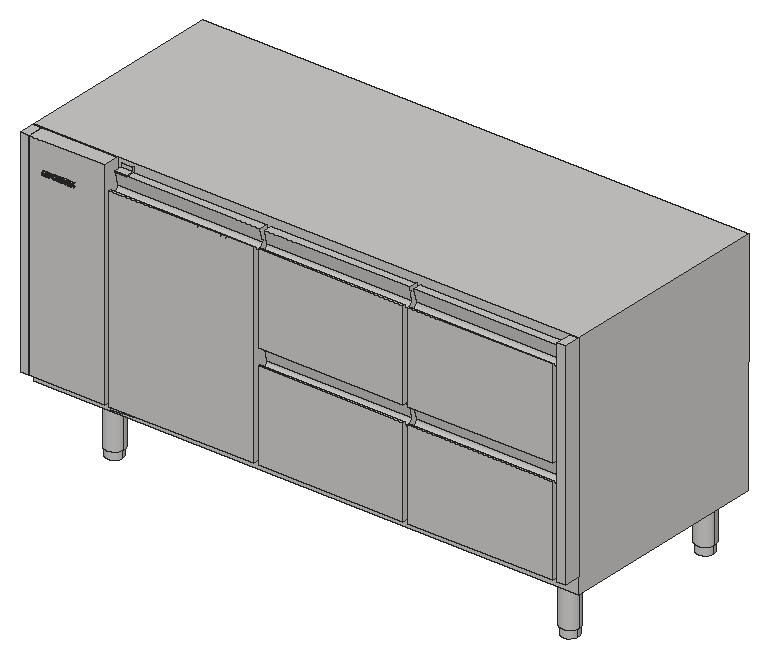
Revit family "QF_ALPENINOX_712836_AHR3RL", category Attrezzature speciali, Revit 2018
Family settings
  Quota connettore circolare = Usa diametro
  Tipo di parte = Normale
  Basato su piano di lavoro = No
  Sempre verticale = Sì
  Taglio con vuoti quando caricato = No
  Condiviso = No
  Punto di calcolo locali = No
Parameters (values of type "Standard")
  Weight = 109.00 kg
  Watts = 30 W
  Volts = 220 V
  URL Manufacturer = "http://www.alpeninox.com"
  URL = "http://www.alpeninox.com"
  Steam Supply Size = 0 mm
  Steam Supply Minimum Pressure = 0.0 Pa
  Steam Supply Maximum Pressure = 0.0 Pa
  Steam Consumption per Hour = 0
  Refrigeration Suction Line Size = 9.5 mm
  Refrigeration Liquid Line Size = 8 mm
  Refrigerant Compressor Remote = yes
  Produttore = "Alpeninox"
  Phase = 1
  Modello = "AHR3RL"
  Length Actual = 1657 mm  # constant formula
  Item Number = "712836"
  Hot Water Size = 0 mm
  Height Actual = 850 mm  # constant formula
  HP = "0 HP"
  Gas Size = 0 mm
  Gas KW = 0
  Gas Input Pressure = 0 W
  Direct Waste Size = 0 mm
  Descrizione = "REFR.COUNTER 440L DOOR 4x1/2DRW NOTOP REM CU_LFT GALV"
  Depth Actual = 700 mm  # constant formula
  Cycle = 50 Hz
  Condensate Return Size = 0 mm
  Compressed Air Volume = 0.0 L/s
  Compressed Air Size = 0 mm
  Compressed Air Pressure = 0.0 Pa
  Cold Water Size = 0 mm
  Accessory = yes
Types (2, lengths in mm): name | URL | Refrigeration Suction Line Size | Refrigeration Liquid Line Size | Produttore | Phase | Modello | Descrizione
  (no name) | 0 | 0 | 0 | 0 | 0 | 0 | 0
  Standard | "http://www.alpeninox.com" | 9.5 | 8 | "Alpeninox" | 1 | "AHR3RL" | "REFR.COUNTER 440L DOOR 4x1/2DRW NOTOP REM CU_LFT GALV"
Values of the unnamed type that differ from the named types
  Weight = 0.00 kg
  Watts = 0 W
  Volts = 0 V
  URL Manufacturer = ""
  Item Number = ""
  HP = ""
  Cycle = 0 Hz
Reference planes
  plane 1: z = 0
  plane 2 "Center (Left/Right)": x = -124.5
  plane 3 "Center (Front/Back)": y = 64.5
  plane 4 "FEET": z = 150
  plane 5 "TOP": z = 900
  plane 6 "PLAIN": z = 850
  plane 7 "EI_back": y = -116
  plane 8 "EI_left": x = -825
  plane 9 "BACK": y = 412
  plane 10 "FRONT": y = -283
  plane 11 "DOOR": y = -233
  plane 12 "LEFT": x = -953
  plane 13 "RIGHT": x = 704
  plane 14: x = -928
  plane 15: x = 679
  plane 16 "RO_left": x = -872
  plane 17 "RI_left": x = -847
  plane 18 "RO_back": y = 39
  plane 19 "RI_back": y = 39
  plane 20 "DRAINleft": x = -887
  plane 21 "DRAINback": y = 164
Forms (mm)
  Extrusion 1, solid, material "QF_Finishes_Stainless Steel"
    sketch origin (-1022.223, -1524, 150) x (-1, 0, 0) y (0, -1, 0)
      loop
        circle (-197.223, -1408) r 5
    from 0 to -40
  Extrusion 2, solid, material "QF_Finishes_Stainless Steel"
    sketch origin (-1022.223, -1524, 150) x (-1, 0, 0) y (0, -1, 0)
      loop
        line (-1701.223, -1291) -> (-1701.223, -1241) -> (-1726.223, -1241) -> (-1726.223, -1291) -> (-1701.223, -1291)
    from 48 to 700
  Extrusion 3, solid, material "QF_Finishes_Stainless Steel"
    sketch origin (-1022.223, -1524, 150) x (-1, 0, 0) y (0, -1, 0)
      loop
        circle (-150.223, -1563) r 4.25
    from 0 to -20
  Extrusion 4, solid, material "QF_Finishes_Stainless Steel"
    sketch origin (-1022.223, -1524, 150) x (-1, 0, 0) y (0, -1, 0)
      loop
        circle (-175.223, -1563) r 4
    from 0 to -20
  Extrusion 5, solid, material "QF_Finishes_Stainless Steel"
    sketch origin (-1022.223, -1524, 150) x (-1, 0, 0) y (0, -1, 0)
      loop
        circle (-135.223, -1688) r 8.5
    from 0 to -40
  Extrusion 6, solid, material "QF_Finishes_Stainless Steel"
    sketch origin (-1022.223, -1524, 150) x (-1, 0, 0) y (0, -1, 0)
      loop
        line (-69.223, -1936) -> (-69.223, -1291) -> (-1726.223, -1291) -> (-1726.223, -1936) -> (-69.223, -1936)
    from 0 to 700
  Extrusion 7, solid, material "QF_Finishes_Stainless Steel"
    sketch origin (773.223, -1524, 150) x (1, 0, 0) y (0, 1, 0)
      loop
        line (-1701.223, 1291) -> (-1726.223, 1291) -> (-1726.223, 1241) -> (-1701.223, 1241) -> (-1701.223, 1291)
    from 48 to 700
Lines and regions (mm)
  symbolic lines, style "SpecialityEquipmentHiddenLines"
    curve 1: line (-953, 412, 150) -> (704, 412, 150)
    curve 2: line (-953, -283, 150) -> (-953, 412, 150)
    curve 3: line (704, -283, 150) -> (-953, -283, 150)
    curve 4: line (704, 412, 150) -> (704, -283, 150)
    curve 5: line (-953, -233, 150) -> (704, -233, 150)
    curve 6: line (679, -233, 150) -> (679, -283, 150)
    curve 7: line (-928, -233, 150) -> (-928, -283, 150)
Dimensions and locks
  plane 4 "FEET" to level = 150 mm
  plane 11 "DOOR" to plane 10 "FRONT" = 50 mm
  plane 6 "PLAIN" to plane 4 "FEET" = 700 mm
  plane 5 "TOP" to plane 6 "PLAIN" = 50 mm
  plane 12 "LEFT" to plane 14 = 25 mm
  plane 15 to plane 13 "RIGHT" = 25 mm
  plane 9 "BACK" to plane 18 "RO_back" = 373 mm
  plane 9 "BACK" to plane 7 "EI_back" = 528 mm
  plane 9 "BACK" to plane 19 "RI_back" = 373 mm
  plane 9 "BACK" to plane 21 "DRAINback" = 248 mm
  plane 12 "LEFT" to plane 20 "DRAINleft" = 66 mm
  plane 12 "LEFT" to plane 8 "EI_left" = 128 mm
  plane 12 "LEFT" to plane 17 "RI_left" = 106 mm
  plane 12 "LEFT" to plane 16 "RO_left" = 81 mm
  plane 9 "BACK" to plane 10 "FRONT" = 695 mm
  equal spacing: plane 9 "BACK", plane 3 "Center (Front/Back)", plane 10 "FRONT"
  plane 12 "LEFT" to plane 13 "RIGHT" = 1657 mm
  equal spacing: plane 12 "LEFT", plane 2 "Center (Left/Right)", plane 13 "RIGHT"
  aligned and locked: level to plane 1
Automatic sketch dimensions
  Extrusion 1 sketch curve to plane 7 "EI_back" = 0 mm
  Extrusion 1 sketch curve to plane 8 "EI_left" = 0 mm
  Extrusion 2 sketch curve to plane 11 "DOOR" = 0 mm
  Extrusion 2 sketch curve to plane 13 "RIGHT" = 0 mm
  Extrusion 2 sketch curve to plane 10 "FRONT" = 0 mm
  Extrusion 2 sketch curve to plane 15 = 0 mm
  Extrusion 3 sketch curve to plane 16 "RO_left" = 0 mm
  Extrusion 3 sketch curve to plane 18 "RO_back" = 0 mm
  Extrusion 5 sketch curve to plane 20 "DRAINleft" = 0 mm
  Extrusion 5 sketch curve to plane 21 "DRAINback" = 0 mm
  Extrusion 6 sketch curve to plane 9 "BACK" = 0 mm
  Extrusion 6 sketch curve to plane 13 "RIGHT" = 0 mm
  Extrusion 6 sketch curve to plane 11 "DOOR" = 0 mm
  Extrusion 6 sketch curve to plane 12 "LEFT" = 0 mm
  curve 4 to plane 10 "FRONT" = 0 mm
  curve 4 to plane 13 "RIGHT" = 0 mm
  curve 6 to plane 11 "DOOR" = 0 mm
  curve 6 to plane 15 = 0 mm
  curve 7 to plane 14 = 0 mm
  curve 3 to plane 12 "LEFT" = 0 mm
  curve 1 to plane 9 "BACK" = 0 mm
  Extrusion 7 sketch curve to plane 11 "DOOR" = 0 mm
  Extrusion 7 sketch curve to plane 12 "LEFT" = 0 mm
  Extrusion 7 sketch curve to plane 10 "FRONT" = 0 mm
  Extrusion 7 sketch curve to plane 14 = 0 mm
  Extrusion 4 sketch curve to plane 17 "RI_left" = 0 mm
  Extrusion 4 sketch curve to plane 19 "RI_back" = 0 mm
  radius of Extrusion 1 sketch curve = 5 mm
  radius of Extrusion 3 sketch curve = 4.25 mm
  radius of Extrusion 5 sketch curve = 8.5 mm
  radius of Extrusion 4 sketch curve = 4 mm
Nested families
  nested 1: "HPP_Refrigerator" at (704, -283, 0), type "HPP_Refrigerator"
  nested 2: "HPP_FEET" at (-746, 331, 0), type "HPP_FEET"
  nested 3: "HPP_FEET" at (638, 331, 0), type "HPP_FEET"
  nested 4: "HPP_FEET" at (-746, -183, 0), type "HPP_FEET"
  nested 5: "HPP_FEET" at (638, -183, 0), type "HPP_FEET"
  nested 6: "HPP_APX_REM_TN_L" at (-733.58, -233, 598) x (1, 0, 0) z (0, -1, 0), type "HPP_APX_REM_TN_L"
    with Show Logo yes
  nested 7: "HPP_APX_SD_L" at (-463, -233, 512) x (1, 0, 0) z (0, -1, 0), type "HPP_APX_SD_L"
    with Show Clearance yes
  nested 8: "HPP_APX_HALF" at (-9, -233, 512) x (1, 0, 0) z (0, -1, 0), type "HPP_APX_HALF"
    with Show Clearance yes
  nested 9: "HPP_APX_HALF" at (445, -233, 512) x (1, 0, 0) z (0, -1, 0), type "HPP_APX_HALF"
    with Show Clearance yes
Connectors
  electrical at (-825, -116, 110), driven by "Volts"
    settings: on Extrusion 1, index 1, voltage 220 V, apparent load 0 VA, apparent load phase1 0 VA, apparent load phase2 0 VA, apparent load phase3 0 VA, power factor 1, load classification "Other", number of poles 1, system type 31, power factor state 1, is connector primary yes, connector utility no, sub classification motor no, connector description "Electrical Connection"
  piping at (-872, 39, 130), diameter 9.5, driven by "Refrigeration Suction Line Size"
    settings: on Extrusion 3, index 3, connector inside diameter 609.6 mm, connector length 0 mm, flow factor 0, pipe flow 0.0 L/s, pressure drop 0.0 Pa, fitting loss kfactor 0, connector angle 0.00°, fixture units 0, engagement length 0 mm, angle of deflection 0.00°, flow configuration 1, flow direction 2, fitting loss method 0, system type 8, joint type 0, gender type 0, connector reference index -1, connector utility 0, adjustable connector no, is connector primary yes, connector description "Refrigerant Outlet"
  piping at (-847, 39, 130), diameter 8, driven by "Refrigeration Liquid Line Size"
    settings: on Extrusion 4, index 4, connector inside diameter 609.6 mm, connector length 0 mm, flow factor 0, pipe flow 0.0 L/s, pressure drop 0.0 Pa, fitting loss kfactor 0, connector angle 0.00°, fixture units 0, engagement length 0 mm, angle of deflection 0.00°, flow configuration 1, flow direction 1, fitting loss method 0, system type 7, joint type 0, gender type 0, connector reference index -1, connector utility 0, adjustable connector no, is connector primary no, connector description "Refrigerant Inlet"
  piping at (-887, 164, 110), diameter 17
    settings: on Extrusion 5, index 5, connector inside diameter 609.6 mm, connector length 0 mm, flow factor 0, pipe flow 0.0 L/s, pressure drop 0.0 Pa, fitting loss kfactor 0, connector angle 0.00°, fixture units 0, engagement length 0 mm, angle of deflection 0.00°, flow configuration 1, flow direction 2, fitting loss method 0, system type 16, joint type 0, gender type 0, connector reference index -1, connector utility 0, adjustable connector no, is connector primary no, connector description "Drain"
Definition of nested family "HPP_FEET"
  Parameters
    FEET = 150 mm
  Reference planes
    plane 1 "Center (Front/Back)": y = 0
    plane 2: z = 0
    plane 3 "Center (Left/Right)": x = 0
    plane 4: z = 150
  Forms (mm)
    Revolve 1, solid
      sketch origin (255.05, 0, 608.09) x (0, 0, 1) y (-1, 0, 0)
        loop
          line (-608.09, 255.05) -> (-608.09, 230.05) -> (-583.09, 230.05) -> (-583.09, 226.05) -> (-458.09, 226.05) -> (-458.09, 255.05) -> (-608.09, 255.05)
        axis (-608.09, 255.05) -> (-458.09, 255.05)
      angle from 0 to 360
  Dimensions and locks
    locked: Revolve 1 sketch curve to Revolve 1 sketch curve at 125
    "FEET": plane 4 to plane 2
    aligned and locked: level to plane 2
    aligned and locked: plane 4 to Revolve 1 sketch curve
    aligned and locked: Revolve 1 sketch curve to level
    aligned and locked: plane 3 "Center (Left/Right)" to Revolve 1 sketch curve
  Automatic sketch dimensions
    Revolve 1 sketch curve to plane 3 "Center (Left/Right)" = 0 mm
    Revolve 1 sketch curve to Revolve 1 sketch curve = 25 mm
    Revolve 1 sketch curve to Revolve 1 sketch curve = 29 mm
    plane 4 to Revolve 1 sketch curve = 50 mm
    Revolve 1 sketch curve to Revolve 1 sketch curve = 20 mm
Definition of nested family "HPP_APX_REM_TN_L"
  Parameters
    Show Logo [instance] = yes
    Default Elevation = 1219.2 mm
  Reference planes
    plane 1 "Center (Front/Back)": y = -74
    plane 2: z = 0
    plane 3 "Center (Left/Right)": x = -78.92
    plane 4: x = -194.42
    plane 5: x = 36.58
    plane 6: y = 252
    plane 7: y = -400
  Forms (mm)
    Extrusion 1, solid
      sketch origin (0, 0, 0) x (1, 0, 0) y (0, 1, 0)
        loop
          line (-1219.2, 1219.2) -> (-1219.2, -1219.2) -> (1219.2, -1219.2) -> (1219.2, 1219.2) -> (-1219.2, 1219.2)
      from 0 to -304.8
    Extrusion 2, solid
      sketch origin (0, 0, 0) x (1, 0, 0) y (0, 1, 0)
        loop
          line (-194.42, 252) -> (-194.42, -400) -> (36.58, -400) -> (36.58, 252) -> (-194.42, 252)
      from 0 to 50
    Extrusion 3, solid
      sketch origin (18.272, 0.892, 0) x (1, 0, 0) y (0, 1, 0)
        loop
          line (-168.675, 170.349) -> (-172.411, 160.318)
          arc (-172.411, 160.318) -> (-171.624, 158.497) -> (-169.837, 159.36) r 1.374
          line (-169.837, 159.36) -> (-169.268, 161.111) -> (-164.1, 161.111) -> (-163.54, 159.379)
          arc (-163.54, 159.379) -> (-161.802, 158.542) -> (-161.049, 160.318) r 1.333
          line (-161.049, 160.318) -> (-164.694, 170.349)
          arc (-164.694, 170.349) -> (-166.685, 171.876) -> (-168.675, 170.349) r 2.06
        loop
          line (-166.681, 169.055) -> (-168.469, 163.655) -> (-164.935, 163.655) -> (-166.681, 169.055)
        loop
          arc (-159.705, 160.042) -> (-159.262, 158.973) -> (-158.194, 158.531) r 1.512
          line (-158.194, 158.531) -> (-153.608, 158.531)
          arc (-153.608, 158.531) -> (-152.337, 159.802) -> (-153.608, 161.074) r 1.272
          line (-153.608, 161.074) -> (-156.917, 161.074) -> (-156.917, 170.328)
          arc (-156.917, 170.328) -> (-158.311, 171.722) -> (-159.705, 170.328) r 1.394
          line (-159.705, 170.328) -> (-159.705, 160.042)
        loop
          line (-151.076, 170.218) -> (-151.076, 159.859)
          arc (-151.076, 159.859) -> (-149.683, 158.466) -> (-148.29, 159.859) r 1.393
          line (-148.29, 159.859) -> (-148.29, 162.882) -> (-146.225, 162.882)
          arc (-146.225, 162.882) -> (-142.999, 163.859) -> (-141.608, 166.928) r 4.082
          arc (-141.608, 166.928) -> (-142.993, 170.272) -> (-146.336, 171.657) r 4.728
          line (-146.336, 171.657) -> (-149.638, 171.657)
          arc (-149.638, 171.657) -> (-150.655, 171.235) -> (-151.076, 170.218) r 1.439
        loop
          line (-148.29, 165.313) -> (-146.388, 165.313)
          arc (-146.388, 165.313) -> (-144.433, 167.268) -> (-146.388, 169.222) r 1.955
          line (-146.388, 169.222) -> (-148.29, 169.222) -> (-148.29, 165.313)
        loop
          arc (-131.184, 166.332) -> (-132.004, 168.2) -> (-133.767, 169.228) r 3.3
          arc (-133.767, 169.228) -> (-136.353, 168.661) -> (-137.611, 166.332) r 3.176
          line (-137.611, 166.332) -> (-131.184, 166.332)
        loop
          line (-137.538, 163.743) -> (-130.544, 163.743)
          arc (-130.544, 163.743) -> (-129.292, 163.916) -> (-128.301, 164.701) r 2.4
          arc (-128.301, 164.701) -> (-128.155, 165.545) -> (-128.212, 166.399) r 3.635
          arc (-128.212, 166.399) -> (-130.364, 170.162) -> (-134.39, 171.769) r 6.579
          arc (-134.39, 171.769) -> (-138.918, 169.706) -> (-140.661, 165.044) r 6.501
          arc (-140.661, 165.044) -> (-139.276, 160.789) -> (-135.401, 158.549) r 6.252
          arc (-135.401, 158.549) -> (-132.922, 158.526) -> (-130.544, 159.232) r 8.361
          arc (-130.544, 159.232) -> (-129.466, 159.781) -> (-128.641, 160.666) r 3.486
          arc (-128.641, 160.666) -> (-128.419, 161.592) -> (-128.828, 162.451) r 1.425
          arc (-128.828, 162.451) -> (-129.368, 162.762) -> (-129.99, 162.762) r 1.203
          arc (-129.99, 162.762) -> (-130.406, 162.59) -> (-130.764, 162.316) r 1.724
          arc (-130.764, 162.316) -> (-131.666, 161.705) -> (-132.646, 161.229) r 7.6
          arc (-132.646, 161.229) -> (-135.676, 161.35) -> (-137.538, 163.743) r 3.6
        loop
          line (-126.669, 170.328) -> (-126.669, 159.859)
          arc (-126.669, 159.859) -> (-125.273, 158.463) -> (-123.878, 159.859) r 1.396
          line (-123.878, 159.859) -> (-123.878, 166.785) -> (-117.946, 159.029)
          arc (-117.946, 159.029) -> (-116.361, 158.51) -> (-115.379, 159.859) r 1.417
          line (-115.379, 159.859) -> (-115.379, 170.328)
          arc (-115.379, 170.328) -> (-116.774, 171.723) -> (-118.169, 170.328) r 1.395
          line (-118.169, 170.328) -> (-118.169, 163.311) -> (-124.101, 171.157)
          arc (-124.101, 171.157) -> (-125.687, 171.678) -> (-126.669, 170.328) r 1.418
        loop
          arc (-113.636, 159.859) -> (-112.241, 158.464) -> (-110.847, 159.859) r 1.394
          line (-110.847, 159.859) -> (-110.847, 170.328)
          arc (-110.847, 170.328) -> (-112.241, 171.723) -> (-113.636, 170.328) r 1.394
          line (-113.636, 170.328) -> (-113.636, 159.859)
        loop
          line (-109.102, 170.328) -> (-109.102, 159.859)
          arc (-109.102, 159.859) -> (-107.706, 158.463) -> (-106.31, 159.859) r 1.396
          line (-106.31, 159.859) -> (-106.31, 166.785) -> (-100.378, 159.029)
          arc (-100.378, 159.029) -> (-98.793, 158.51) -> (-97.812, 159.859) r 1.417
          line (-97.812, 159.859) -> (-97.812, 170.328)
          arc (-97.812, 170.328) -> (-99.207, 171.723) -> (-100.602, 170.328) r 1.395
          line (-100.602, 170.328) -> (-100.602, 163.311) -> (-106.533, 171.157)
          arc (-106.533, 171.157) -> (-108.119, 171.678) -> (-109.102, 170.328) r 1.418
        loop
          arc (-96.345, 165.093) -> (-95.619, 161.877) -> (-93.467, 159.379) r 6.806
          arc (-93.467, 159.379) -> (-91.792, 158.566) -> (-89.948, 158.31) r 5.956
          arc (-89.948, 158.31) -> (-88.104, 158.566) -> (-86.43, 159.379) r 5.956
          arc (-86.43, 159.379) -> (-84.277, 161.877) -> (-83.551, 165.093) r 6.806
          arc (-83.551, 165.093) -> (-84.277, 168.31) -> (-86.43, 170.808) r 6.806
          arc (-86.43, 170.808) -> (-88.104, 171.621) -> (-89.948, 171.877) r 5.956
          arc (-89.948, 171.877) -> (-91.792, 171.621) -> (-93.467, 170.808) r 5.956
          arc (-93.467, 170.808) -> (-95.619, 168.31) -> (-96.345, 165.093) r 6.806
        loop
          arc (-93.425, 165.093) -> (-93.138, 163.212) -> (-92.081, 161.629) r 4.387
          arc (-92.081, 161.629) -> (-91.087, 161.049) -> (-89.948, 160.881) r 3.035
          arc (-89.948, 160.881) -> (-88.809, 161.049) -> (-87.815, 161.629) r 3.035
          arc (-87.815, 161.629) -> (-86.759, 163.212) -> (-86.472, 165.093) r 4.387
          arc (-86.472, 165.093) -> (-86.759, 166.975) -> (-87.815, 168.558) r 4.387
          arc (-87.815, 168.558) -> (-88.809, 169.138) -> (-89.948, 169.306) r 3.035
          arc (-89.948, 169.306) -> (-91.087, 169.138) -> (-92.081, 168.558) r 3.035
          arc (-92.081, 168.558) -> (-93.138, 166.975) -> (-93.425, 165.093) r 4.387
        loop
          line (-82.843, 169.609) -> (-79.829, 165.552) -> (-83.513, 160.652)
          arc (-83.513, 160.652) -> (-83.216, 158.692) -> (-81.262, 159.029) r 1.388
          line (-81.262, 159.029) -> (-78.213, 163.232) -> (-75.164, 159.029)
          arc (-75.164, 159.029) -> (-73.211, 158.692) -> (-72.913, 160.652) r 1.388
          line (-72.913, 160.652) -> (-76.597, 165.552) -> (-73.584, 169.609)
          arc (-73.584, 169.609) -> (-73.952, 171.597) -> (-75.908, 171.084) r 1.38
          line (-75.908, 171.084) -> (-78.213, 167.841) -> (-80.519, 171.084)
          arc (-80.519, 171.084) -> (-82.474, 171.597) -> (-82.843, 169.609) r 1.38
      from 50 to 51.6
  Lines and regions (mm)
    Split face 1
      outline origin (0, 0, 50) x (1, 0, 0) y (0, 1, 0)
        loop
          line (36.58, 183) -> (-147.92, 183)
          arc (-147.92, 183) -> (-165.42, 165.5) -> (-147.92, 148) r 17.5
          line (-147.92, 148) -> (36.58, 148)
    Split face 2
      outline origin (12.5, 0, 50) x (1, 0, 0) y (0, 1, 0)
        loop
          line (-55.92, 177) -> (-55.92, 154) -> (14.08, 154) -> (14.08, 177) -> (-55.92, 177)
    Split face 3
      outline origin (12.5, 0, 50) x (1, 0, 0) y (0, 1, 0)
        loop
          line (-5.92, 174) -> (-5.92, 157) -> (11.08, 157) -> (11.08, 174) -> (-5.92, 174)
    Split face 4
      outline origin (0, 0, 50) x (1, 0, 0) y (0, 1, 0)
        loop
          line (-194.42, 188) -> (36.58, 188)
        loop
          line (-194.42, 143) -> (36.58, 143)
    symbolic lines
      curve 1: line (36.58, -74, 50) -> (36.58, -74, 0)
  Dimensions and locks
    equal spacing: plane 6, plane 1 "Center (Front/Back)", plane 7
    plane 4 to plane 5 = 231 mm
    equal spacing: plane 4, plane 3 "Center (Left/Right)", plane 5
    plane 6 to plane 7 = 652 mm
    aligned and locked: plane 2 to Extrusion 1
    aligned and locked: level to Extrusion 1
  Automatic sketch dimensions
    Extrusion 1 sketch curve to Extrusion 1 sketch curve = 2438.4 mm  (x2)
    Extrusion 2 sketch curve to plane 4 = 0 mm
    Extrusion 2 sketch curve to plane 5 = 0 mm
    Extrusion 2 sketch curve to plane 7 = 0 mm
    Extrusion 2 sketch curve to plane 6 = 0 mm
    Split face 1 sketch curve to Extrusion 2 = 0 mm  (x2)
    Split face 1 sketch curve to Extrusion 2 = 46.5 mm
    Split face 1 sketch curve to Extrusion 2 = 86.5 mm
    Split face 1 sketch curve to Split face 1 sketch curve = 17.5 mm
    Split face 2 sketch curve to Extrusion 2 = 80 mm
    Split face 2 sketch curve to Extrusion 2 = 10 mm
    Split face 2 sketch curve to Extrusion 2 = 98 mm
    Split face 2 sketch curve to Split face 2 sketch curve = 23 mm
    Split face 3 sketch curve to Extrusion 2 = 30 mm
    Split face 3 sketch curve to Split face 3 sketch curve = 17 mm  (x2)
    Split face 3 sketch curve to Extrusion 2 = 95 mm
    curve 1 to level = 0 mm
    curve 1 to plane 5 = 0 mm
    curve 1 to curve 1 = 50 mm
    plane 4 to Extrusion 3 sketch curve = 40.282 mm
    Extrusion 3 sketch curve to Extrusion 3 sketch curve = 1.266 mm
    Extrusion 3 sketch curve to Extrusion 3 sketch curve = 1.307 mm
    Extrusion 3 sketch curve to Extrusion 3 sketch curve = 0.57 mm
    Extrusion 3 sketch curve to Extrusion 3 sketch curve = 0.593 mm
    Extrusion 3 sketch curve to Extrusion 3 sketch curve = 0.799 mm
    Extrusion 3 sketch curve to Extrusion 3 sketch curve = 1.99 mm  (x2)
    Extrusion 3 sketch curve to Extrusion 3 sketch curve = 0.003 mm
    Extrusion 3 sketch curve to Extrusion 3 sketch curve = 3.534 mm
    Extrusion 3 sketch curve to Extrusion 3 sketch curve = 0.835 mm
    Extrusion 3 sketch curve to Extrusion 3 sketch curve = 0.56 mm
    Extrusion 3 sketch curve to Extrusion 3 sketch curve = 1.268 mm
    Extrusion 3 sketch curve to Extrusion 3 sketch curve = 1.223 mm
    Extrusion 3 sketch curve to Extrusion 3 sketch curve = 1.344 mm
    Extrusion 3 sketch curve to Extrusion 3 sketch curve = 1.394 mm  (x2)
    Extrusion 3 sketch curve to Extrusion 3 sketch curve = 1.512 mm
    Extrusion 3 sketch curve to Extrusion 3 sketch curve = 3.309 mm
    Extrusion 3 sketch curve to Extrusion 3 sketch curve = 5.841 mm
    Extrusion 3 sketch curve to Extrusion 3 sketch curve = 1.393 mm
    Extrusion 3 sketch curve to Extrusion 3 sketch curve = 1.439 mm
    Extrusion 3 sketch curve to Extrusion 3 sketch curve = 0 mm  (x18)
    Extrusion 3 sketch curve to Extrusion 3 sketch curve = 1.902 mm
    Extrusion 3 sketch curve to Extrusion 3 sketch curve = 0.052 mm
    Extrusion 3 sketch curve to Extrusion 3 sketch curve = 2.065 mm
    Extrusion 3 sketch curve to Extrusion 3 sketch curve = 0.647 mm
    Extrusion 3 sketch curve to Extrusion 3 sketch curve = 8.079 mm
    Extrusion 3 sketch curve to Extrusion 3 sketch curve = 0.073 mm
    Extrusion 3 sketch curve to Extrusion 3 sketch curve = 2.145 mm
    Extrusion 3 sketch curve to Extrusion 3 sketch curve = 2.931 mm
    Extrusion 3 sketch curve to Extrusion 3 sketch curve = 0.213 mm
    Extrusion 3 sketch curve to Extrusion 3 sketch curve = 0.026 mm
    Extrusion 3 sketch curve to Extrusion 3 sketch curve = 0.263 mm
    Extrusion 3 sketch curve to Extrusion 3 sketch curve = 0.516 mm
    Extrusion 3 sketch curve to Extrusion 3 sketch curve = 0.356 mm
    Extrusion 3 sketch curve to Extrusion 3 sketch curve = 0.387 mm
    Extrusion 3 sketch curve to Extrusion 3 sketch curve = 2.378 mm
    Extrusion 3 sketch curve to Extrusion 3 sketch curve = 2.466 mm
    Extrusion 3 sketch curve to Extrusion 3 sketch curve = 0.602 mm
    Extrusion 3 sketch curve to Extrusion 3 sketch curve = 1.02 mm
    Extrusion 3 sketch curve to Extrusion 3 sketch curve = 0.949 mm
    Extrusion 3 sketch curve to Extrusion 3 sketch curve = 1.728 mm
    Extrusion 3 sketch curve to Extrusion 3 sketch curve = 0.157 mm  (x2)
    Extrusion 3 sketch curve to Extrusion 3 sketch curve = 0.292 mm
    Extrusion 3 sketch curve to Extrusion 3 sketch curve = 3.565 mm
    Extrusion 3 sketch curve to Extrusion 3 sketch curve = 1.396 mm  (x2)
    Extrusion 3 sketch curve to Extrusion 3 sketch curve = 1.418 mm  (x2)
    Extrusion 3 sketch curve to Extrusion 3 sketch curve = 1.151 mm  (x2)
    Extrusion 3 sketch curve to Extrusion 3 sketch curve = 5.709 mm  (x2)
    Extrusion 3 sketch curve to Extrusion 3 sketch curve = 0.224 mm  (x2)
    Extrusion 3 sketch curve to Extrusion 3 sketch curve = 1.149 mm  (x2)
    Extrusion 3 sketch curve to Extrusion 3 sketch curve = 1.395 mm  (x2)
    Extrusion 3 sketch curve to Extrusion 3 sketch curve = 1.744 mm
    Extrusion 3 sketch curve to Extrusion 3 sketch curve = 1.745 mm
    plane 3 "Center (Left/Right)" to Extrusion 3 sketch curve = 6.343 mm
    Extrusion 3 sketch curve to Extrusion 3 sketch curve = 0.493 mm  (x3)
    Extrusion 3 sketch curve to Extrusion 3 sketch curve = 0.273 mm  (x2)
    Extrusion 3 sketch curve to Extrusion 3 sketch curve = 0.021 mm  (x2)
    Extrusion 3 sketch curve to Extrusion 3 sketch curve = 0.226 mm  (x2)
    Extrusion 3 sketch curve to Extrusion 3 sketch curve = 0.268 mm  (x2)
    Extrusion 3 sketch curve to Extrusion 3 sketch curve = 0.294 mm
    Extrusion 3 sketch curve to Extrusion 3 sketch curve = 5.534 mm
    Extrusion 3 sketch curve to Extrusion 3 sketch curve = 6.205 mm
    Extrusion 3 sketch curve to Extrusion 3 sketch curve = 1.109 mm  (x2)
    Extrusion 3 sketch curve to Extrusion 3 sketch curve = 1.108 mm  (x2)
    Extrusion 3 sketch curve to Extrusion 3 sketch curve = 1.142 mm  (x2)
    Extrusion 3 sketch curve to Extrusion 3 sketch curve = 1.216 mm  (x2)
    Extrusion 3 sketch curve to Extrusion 3 sketch curve = 3.013 mm
    Extrusion 3 sketch curve to Extrusion 3 sketch curve = 1.616 mm  (x3)
    Extrusion 3 sketch curve to Extrusion 3 sketch curve = 2.305 mm
    Extrusion 3 sketch curve to Extrusion 3 sketch curve = 3.049 mm
    Extrusion 3 sketch curve to plane 6 = 92.577 mm
    Extrusion 3 sketch curve to Extrusion 3 sketch curve = 0.498 mm
    Extrusion 3 sketch curve to Extrusion 3 sketch curve = 0.682 mm
    Extrusion 3 sketch curve to Extrusion 3 sketch curve = 0.664 mm
    Extrusion 3 sketch curve to Extrusion 3 sketch curve = 0.425 mm
    Extrusion 3 sketch curve to Extrusion 3 sketch curve = 0.41 mm
    Extrusion 3 sketch curve to Extrusion 3 sketch curve = 1.272 mm
    Extrusion 3 sketch curve to Extrusion 3 sketch curve = 0.789 mm  (x2)
    Extrusion 3 sketch curve to Extrusion 3 sketch curve = 0.056 mm
    Extrusion 3 sketch curve to Extrusion 3 sketch curve = 0.83 mm
    Extrusion 3 sketch curve to Extrusion 3 sketch curve = 1.238 mm
    Extrusion 3 sketch curve to Extrusion 3 sketch curve = 1.732 mm
    Extrusion 3 sketch curve to Extrusion 3 sketch curve = 0.346 mm
    Extrusion 3 sketch curve to Extrusion 3 sketch curve = 1.123 mm
    Extrusion 3 sketch curve to Extrusion 3 sketch curve = 3.023 mm
    Extrusion 3 sketch curve to Extrusion 3 sketch curve = 4.203 mm
    Extrusion 3 sketch curve to Extrusion 3 sketch curve = 3.452 mm  (x2)
    Extrusion 3 sketch curve to Extrusion 3 sketch curve = 2.544 mm
    Extrusion 3 sketch curve to Extrusion 3 sketch curve = 1.177 mm
    Extrusion 3 sketch curve to Extrusion 3 sketch curve = 3.261 mm
    Extrusion 3 sketch curve to Extrusion 3 sketch curve = 0.352 mm  (x2)
    Extrusion 3 sketch curve to Extrusion 3 sketch curve = 1.987 mm
    Extrusion 3 sketch curve to Extrusion 3 sketch curve = 0.171 mm
    Extrusion 3 sketch curve to Extrusion 3 sketch curve = 0.533 mm  (x3)
    Extrusion 3 sketch curve to Extrusion 3 sketch curve = 0.14 mm  (x4)
    Extrusion 3 sketch curve to Extrusion 3 sketch curve = 0.473 mm
    Extrusion 3 sketch curve to Extrusion 3 sketch curve = 0.31 mm  (x2)
    Extrusion 3 sketch curve to Extrusion 3 sketch curve = 0.075 mm
    Extrusion 3 sketch curve to Extrusion 3 sketch curve = 2.431 mm
    Extrusion 3 sketch curve to Extrusion 3 sketch curve = 2.32 mm  (x2)
    Extrusion 3 sketch curve to Extrusion 3 sketch curve = 1.992 mm
    Extrusion 3 sketch curve to Extrusion 3 sketch curve = 0.674 mm
    Extrusion 3 sketch curve to Extrusion 3 sketch curve = 0.732 mm
    Extrusion 3 sketch curve to Extrusion 3 sketch curve = 0.388 mm
    Extrusion 3 sketch curve to Extrusion 3 sketch curve = 0.121 mm
    Extrusion 3 sketch curve to Extrusion 3 sketch curve = 2.589 mm
    Extrusion 3 sketch curve to Extrusion 3 sketch curve = 0.662 mm
    Extrusion 3 sketch curve to Extrusion 3 sketch curve = 3.473 mm
    Extrusion 3 sketch curve to Extrusion 3 sketch curve = 0.681 mm
    Extrusion 3 sketch curve to Extrusion 3 sketch curve = 1.615 mm
    Extrusion 3 sketch curve to Extrusion 3 sketch curve = 0.34 mm
    Extrusion 3 sketch curve to Extrusion 3 sketch curve = 2.288 mm
    Extrusion 3 sketch curve to Extrusion 3 sketch curve = 0.942 mm
    Extrusion 3 sketch curve to Extrusion 3 sketch curve = 5.4 mm
    Extrusion 3 sketch curve to Extrusion 3 sketch curve = 1.768 mm  (x2)
    Extrusion 3 sketch curve to Extrusion 3 sketch curve = 0.761 mm
    Extrusion 3 sketch curve to Extrusion 3 sketch curve = 0.996 mm
    Extrusion 3 sketch curve to Extrusion 3 sketch curve = 3.543 mm  (x2)
    Extrusion 3 sketch curve to Extrusion 3 sketch curve = 7.017 mm
    Extrusion 3 sketch curve to Extrusion 3 sketch curve = 0.11 mm
    Extrusion 3 sketch curve to Extrusion 3 sketch curve = 0.823 mm  (x2)
    Extrusion 3 sketch curve to Extrusion 3 sketch curve = 0.947 mm
    Extrusion 3 sketch curve to Extrusion 3 sketch curve = 3.837 mm
    Extrusion 3 sketch curve to Extrusion 3 sketch curve = 0.623 mm
    Extrusion 3 sketch curve to Extrusion 3 sketch curve = 1.082 mm
    Extrusion 3 sketch curve to Extrusion 3 sketch curve = 0.801 mm
    Extrusion 3 sketch curve to Extrusion 3 sketch curve = 1 mm
    Extrusion 3 sketch curve to Extrusion 3 sketch curve = 0.089 mm
    plane 3 "Center (Left/Right)" to Extrusion 3 sketch curve = 0.847 mm
    plane 3 "Center (Left/Right)" to Extrusion 3 sketch curve = 3.726 mm  (x2)
    plane 3 "Center (Left/Right)" to Extrusion 3 sketch curve = 3.767 mm
    plane 3 "Center (Left/Right)" to Extrusion 3 sketch curve = 5.111 mm  (x2)
    plane 3 "Center (Left/Right)" to Extrusion 3 sketch curve = 7.244 mm  (x4)
    Extrusion 3 sketch curve to Extrusion 3 sketch curve = 2.133 mm  (x2)
    Extrusion 3 sketch curve to Extrusion 3 sketch curve = 1.385 mm  (x2)
    Extrusion 3 sketch curve to Extrusion 3 sketch curve = 5.603 mm
    Extrusion 3 sketch curve to Extrusion 3 sketch curve = 2.571 mm
    Split face 4 sketch curve to Extrusion 2 = 0 mm  (x4)
    Split face 4 sketch curve to Extrusion 2 = 109 mm
    Split face 4 sketch curve to Split face 4 sketch curve = 45 mm
Definition of nested family "HPP_APX_SD_L"
  Parameters
    Show Clearance [instance] = yes
    Default Elevation = 1219.2 mm
  Reference planes
    plane 1 "Center (Front/Back)": y = 0
    plane 2: z = 0
    plane 3 "Center (Left/Right)": x = 0
    plane 4: x = -234
    plane 5: x = 234
  Forms (mm)
    Extrusion 1, solid
      sketch origin (0, 0, 0) x (1, 0, 0) y (0, 1, 0)
        loop
          line (-1219.2, 1219.2) -> (-1219.2, -1219.2) -> (1219.2, -1219.2) -> (1219.2, 1219.2) -> (-1219.2, 1219.2)
      from 0 to -304.8
    Extrusion 2, solid
      sketch origin (0, 0, -3) x (0, 1, 0) y (0, 0, 1)
        loop
          line (-314, 53) -> (-314, 3) -> (314, 3) -> (314, 29) -> (274.395, 20)
          arc (274.395, 20) -> (260.396, 33.803) -> (274, 47.994) r 14
          line (274, 47.994) -> (274, 53) -> (-314, 53)
      from -220 to 220
    Extrusion 3, solid
      sketch origin (0, 0, 0) x (0, 1, 0) y (0, 0, -1)
        loop
          line (-323.003, -40.312) -> (-323.003, -12.259) -> (-323.003, 0) -> (-351.511, 0) -> (-351.511, -2.5) -> (-325.503, -2.5) -> (-325.503, -42.812) -> (-316.501, -42.812) -> (-316.501, -40.312) -> (-323.003, -40.312)
        loop
          line (-314, -38.311) -> (-314, -11.804) -> (-319.752, -11.804) -> (-319.752, -14.304) -> (-316.501, -14.304) -> (-316.501, -38.311) -> (-314, -38.311)
        loop
          line (315.003, -27.948) -> (317.503, -27.948) -> (317.503, -2.5) -> (327.503, -2.5) -> (327.503, 0) -> (315.003, 0) -> (315.003, -2.948) -> (315.003, -27.948)
      from 185 to 220
    Extrusion 4, solid, visible <- "Show Clearance", detail levels coarse
      sketch origin (0, 0, -3) x (-1, 0, 0) y (0, 0, -1)
        loop
          line (220, -53) -> (-220, -53)
          arc (-220, -53) -> (-79.636, -340.04) -> (220, -451) r 430
          line (220, -451) -> (220, -53)
      from -314 to 314
  Lines and regions (mm)
    symbolic lines
      curve 1: arc (219.599, 0, 55) -> (95.934, 0, 321.503) -> (-170, 0, 446.39) r 430
      curve 2: line (-220, 0, 55) -> (-220, 0, 448)
      curve 3: line (-170, 0, 55) -> (-170, 0, 448)
      curve 4: line (-220, 0, 448) -> (-170, 0, 448)
  Dimensions and locks
    plane 4 to plane 3 "Center (Left/Right)" to plane 5 = 234 mm locked, 234 mm locked
    aligned and locked: plane 2 to Extrusion 1
    aligned and locked: level to Extrusion 1
Definition of nested family "HPP_APX_HALF"
  Parameters
    Show Clearance [instance] = yes
    Default Elevation = 1219.2 mm
  Reference planes
    plane 1 "Center (Front/Back)": y = 0
    plane 2: z = 0
    plane 3 "Center (Left/Right)": x = 0
    plane 4: x = -234
    plane 5: x = 234
    plane 6: z = 618
  Forms (mm)
    Extrusion 1, solid
      sketch origin (0, 0, 0) x (1, 0, 0) y (0, 1, 0)
        loop
          line (-1219.2, 1219.2) -> (-1219.2, -1219.2) -> (1219.2, -1219.2) -> (1219.2, 1219.2) -> (-1219.2, 1219.2)
      from 0 to -304.8
    Extrusion 2, solid
      sketch origin (0, 0, 0) x (0, 1, 0) y (0, 0, 1)
        loop
          line (314, 0) -> (314, 26) -> (274.395, 17)
          arc (274.395, 17) -> (260.395, 31) -> (274.395, 45) r 14
          line (274.395, 45) -> (274.395, 50) -> (5, 50) -> (5, 0) -> (314, 0)
        loop
          line (-5, 0) -> (-5, 26) -> (-44.605, 17)
          arc (-44.605, 17) -> (-58.605, 31) -> (-44.605, 45) r 14
          line (-44.605, 45) -> (-44.605, 50) -> (-314, 50) -> (-314, 0) -> (-5, 0)
      from -220 to 220
    Extrusion 3, solid, visible <- "Show Clearance", detail levels coarse
      sketch origin (0, 0, 512) x (0, 1, 0) y (0, 0, 1)
        loop
          line (-314, 106) -> (-314, -462) -> (-5, -462) -> (-5, 82) -> (-44.605, 73)
          arc (-44.605, 73) -> (-58.605, 87) -> (-44.605, 101) r 14
          line (-44.605, 101) -> (-44.605, 106) -> (-314, 106)
        loop
          line (314, -462) -> (314, 82) -> (274.395, 73)
          arc (274.395, 73) -> (260.395, 87) -> (274.395, 101) r 14
          line (274.395, 101) -> (274.395, 106) -> (5, 106) -> (5, -462) -> (314, -462)
      from -220 to 220
  Lines and regions (mm)
    symbolic lines
      curve 1: line (220, 0, 139.793) -> (-220, 0, 139.793)
      curve 2: line (220, 0, 174.793) -> (-220, 0, 174.793)
      curve 3: line (220, 0, 259.793) -> (-220, 0, 259.793)
      curve 4: line (220, 0, 294.793) -> (-220, 0, 294.793)
      curve 5: line (191.424, 0, 139.793) -> (191.424, 0, 54.793)
      curve 6: line (-190, 0, 139.793) -> (-190, 0, 54.793)
      curve 7: line (191.424, 0, 259.793) -> (191.424, 0, 174.793)
      curve 8: line (-190, 0, 259.793) -> (-190, 0, 174.793)
      curve 9: line (220, 0, 259.793) -> (220, 0, 294.793)
      curve 10: line (-220, 0, 259.793) -> (-220, 0, 294.793)
      curve 11: line (220, 0, 139.793) -> (220, 0, 174.793)
      curve 12: line (-220, 0, 139.793) -> (-220, 0, 174.793)
  Dimensions and locks
    plane 4 to plane 3 "Center (Left/Right)" to plane 5 = 234 mm locked, 234 mm locked
    plane 6 to level = 618 mm
    aligned and locked: plane 2 to Extrusion 1
    aligned and locked: level to Extrusion 1
Definition of nested family "HPP_Refrigerator"
  Reference planes
    plane 1 "Center (Front/Back)": y = 0
    plane 2: z = 0
    plane 3 "Center (Left/Right)": x = 0
  Lines and regions (mm)
    detail lines, in view "Ref. Level"
      curve 1: spline (-500, 190, 0) -> (-493.185, 166.706, 0) -> (-473.205, 145, 0) -> (-441.421, 126.36, 0) -> (-400, 112.058, 0) -> (-351.764, 103.067, 0) -> (-300, 100, 0) -> (-248.236, 103.067, 0) -> (-200, 112.058, 0) -> (-158.579, 126.36, 0) -> (-126.795, 145, 0) -> (-106.815, 166.706, 0) -> (-100, 190, 0) -> (-106.815, 213.294, 0) -> (-126.795, 235, 0) -> (-158.579, 253.64, 0) -> (-200, 267.942, 0) -> (-248.236, 276.933, 0) -> (-300, 280, 0) -> (-351.764, 276.933, 0) -> (-400, 267.942, 0) -> (-441.421, 253.64, 0) -> (-473.205, 235, 0) -> (-493.185, 213.294, 0) -> (-500, 190, 0)
      curve 2: line (-300, 130, 0) -> (-300, 250, 0)
      curve 3: line (-351.962, 220, 0) -> (-248.038, 160, 0)
      curve 4: line (-351.962, 160, 0) -> (-248.038, 220, 0)
      curve 5: line (-280.884, 246.873, 0) -> (-300, 225, 0)
      curve 6: line (-300, 225, 0) -> (-319.116, 246.873, 0)
      curve 7: line (-330.311, 207.5, 0) -> (-339.696, 234.992, 0)
      curve 8: line (-358.812, 201.882, 0) -> (-330.311, 207.5, 0)
      curve 9: line (-330.311, 172.5, 0) -> (-358.812, 178.118, 0)
      curve 10: line (-339.696, 145.008, 0) -> (-330.311, 172.5, 0)
      curve 11: line (-300, 155, 0) -> (-319.116, 133.127, 0)
      curve 12: line (-280.884, 133.127, 0) -> (-300, 155, 0)
      curve 13: line (-269.689, 172.5, 0) -> (-260.304, 145.008, 0)
      curve 14: line (-241.188, 178.118, 0) -> (-269.689, 172.5, 0)
      curve 15: line (-269.689, 207.5, 0) -> (-241.188, 201.882, 0)
      curve 16: line (-260.304, 234.992, 0) -> (-269.689, 207.5, 0)
